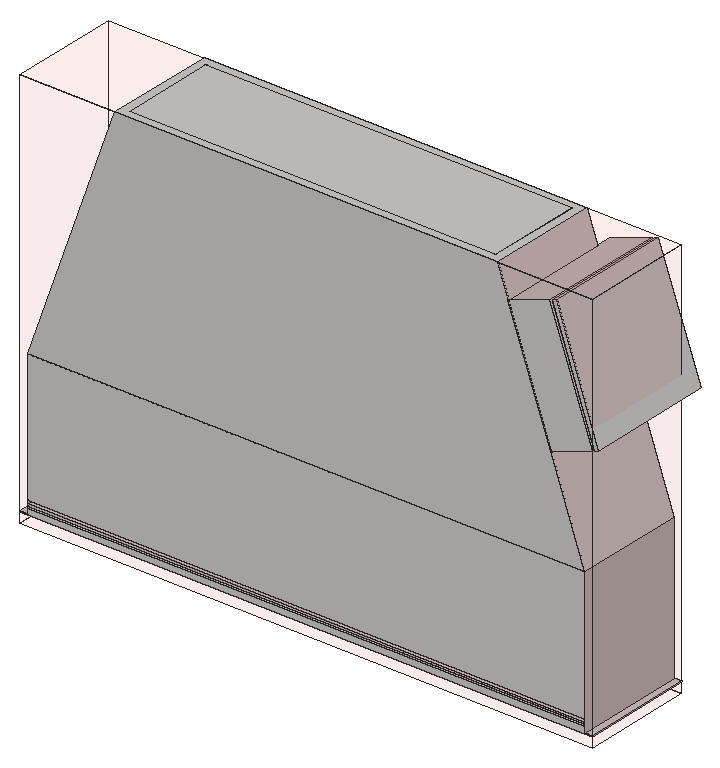
Revit family "Air-Curtain_Industrial_PoweredAire_Gas-Direct", category Mechanical Equipment, host Face, Revit 2020
Family settings
  Host = Face
  Round Connector Dimension = Use Diameter
  Part Type = Normal
  OmniClass Number = 23.75.35.17.21
  OmniClass Title = Air Curtains
  Cut with Voids When Loaded = No
  Shared = No
  Room Calculation Point = No
Parameters
  topbracket [instance] = Unit Height = 1' 4 3/4"  # no
  Warranty Duration (Years) = 0
  Unit Width Notes = "Other Widths available."  # constant formula
  Unit Width = 9' - 0"
  Unit Weight = 0
  Unit Height = 1' - 9"
  Unit Depth = 2' - 3 1/4"
  URL = "http://www.poweredaire.com/"
  Test Data = ""
  Standards Conformance = "as Specified"
  Specification = "http://www.arcat.com/sdspecs/htm04/23_34_33pai.htm"
  SpecWizard = ""
  Sound Pressure = "as Specified"
  Sales Information = "http://www.poweredaire.com/contact_us"
  Revision = "R1_2016-08"
  Projection from Host [instance] = 0' - 2"
  Product Properties = ""
  Product Data = "http://www.arcat.com/arcatcos/cos47/arc47623.html"
  Power Rating = 0 W
  Piping_Operating Pressure [instance] = 0.00 psi
  Pipe OD [instance] = 5/8"
  Overall Depth = 6' - 1 3/4"
  Nozzle Width = if(1 = 1, Unit Width - 0' 3", 0' 0")  # 8' - 9"
  Mounting Width = if(1 = 1, Unit Width - 0' 1 1/2", 0' 0")  # 8' - 10 1/2"
  Mounting Height [instance] = 3' - 6"
  Motor RPM = 0
  Motor HP = 0
  Motor Count = 0
  Model = "As Specified"
  Max Height = 0' - 0"
  Manufacturer Website = "http://www.poweredaire.com/"
  Manufacturer Phone - Toll Free = "888-321-2473"
  Manufacturer Phone = "724-588-3305"
  Manufacturer Fax = "724-588-3371"
  Manufacturer Address = "109 Mortensen Rd.  Greenville, PA 16125"
  Manufacturer = "Powered Aire, Inc"
  Maintenance Schedule (Months) = 0
  Keynote = "23 34 33"
  Intake Width = 6' - 0 1/16"
  Installation-Fabrication = ""
  Installation Phase = ""
  Include Clearance [instance] = yes
  Heating Element Load = 0 W
  Filter Weight = 0
  Front Grating Material [instance] = Metal - Steel - PoweredAire - Stainless 304 Perforated
  HVAC_Temperature Rise = 0 °F
  HVAC_Primary CFM = 0 CFM
  HVAC_Outlet Volume = 0 CFM
  HVAC_Outlet Velocity Uniformity = 0
  HVAC_Outlet Velocity = 0 FPM
  HVAC_Exit Temperature [instance] = 0 °F
  HVAC_BTU Output = 0.0 Btu/h
  HVAC_BTU Input = 0.0 Btu/h
  Green Building-LEED = "http://www.arcat.com/green/clients/leed_data_47623.html"
  Gas Connection Diameter [instance] = 0"
  Frame Finish [instance] = Metal - Steel - PoweredAire - Stainless 304
  Expected Lifespan (Years) = 0
  Exhaust Connection Diameter = 0' - 5"
  Electrical_Wattage [instance] = Power Rating + Heating Element Load  # 0 W
  Electrical_Voltage [instance] = 0 V
  Electrical_Phase [instance] = 1
  Electrical_Frequency [instance] = 0 Hz
  Electrical_Amperage [instance] = 0 A
  Drawn By = "Sumex Design, Inc. / Robert S. Weygant, CSI, CDT, SCIP"
  Description = "Powered Aire Air Curtain as Specified"
  Default Elevation = 0' - 0"  # constant formula
  Copyright = "©Arcat Inc."
  Construction Details = "http://www.arcat.com/details/powair/prod3336.html"
  Clearance_Top [instance] = 0' - 0"
  Clearance_Side B [instance] = 0' - 0"
  Clearance_Side A [instance] = 0' - 0"
  Clearance_Intake [instance] = 0' - 0"
  Clearance_Bottom [instance] = 0' - 0"
  Clearance Material [instance] = ARCAT Clearance
  Building Codes = ""
  Available Options [instance] = "as Specified"
  Assembly Code = "D3090400"
Reference planes
  plane 1 "Center (Elevation)": y = 3.51
  plane 2: z = 0
  plane 3 "Center (Left/Right)": x = 0
  plane 4 "Top": y = 270.21
  plane 5: y = -263.19
  plane 6: x = -1371.6
  plane 7: x = 1371.6
  plane 8 "Front": z = 742.95
  plane 9 "FF": y = -1063.29
  plane 10: z = 50.8
  plane 11: x = 1333.5
  plane 12: x = -1333.5
  plane 13: y = 270.21
  plane 14: y = -263.19
  plane 15: x = -1371.6
  plane 16: x = 1371.6
  plane 17: z = 1924.05
  plane 18: x = 1331.913
  plane 19: x = -1331.912
  plane 20: x = 1333.5
  plane 21: x = 1333.5
  plane 22: y = 206.71
  plane 23: y = -199.69
  plane 24: z = 1924.05
  plane 25: x = -915.194
  plane 26: x = 915.194
Forms (mm)
  Extrusion 1, solid, material "Metal - Steel - PoweredAire - Stainless 304" <- "Frame Finish"
    sketch origin (0, 0, 0) x (0, 1, 0) y (0, 0, 1)
      loop
        line (-263.19, 50.8) -> (270.21, 50.8) -> (270.21, 742.95) -> (-263.19, 742.95) -> (-263.19, 50.8)
    from -1333.5 to 1333.5
  Extrusion 2, solid, material "ARCAT Clearance" <- "Clearance Material", visible <- "Include Clearance"
    sketch origin (0, 0, 0) x (0, 1, 0) y (0, 0, 1)
      loop
        line (-263.19, 1924.05) -> (-263.19, 0) -> (270.21, 0) -> (270.21, 1924.05) -> (-263.19, 1924.05)
    from -1371.6 to 1371.6
  Extrusion 3, solid, material "Metal - Steel - PoweredAire - Stainless 304" <- "Frame Finish"
    sketch origin (-385.496, -4572, 50.8) x (-1, 0, 0) y (0, -1, 0)
      loop
        line (-1718.996, -4842.21) -> (-1718.996, -4308.81) -> (-1757.096, -4308.81) -> (-1757.096, -4842.21) -> (-1718.996, -4842.21)
      loop
        line (948.004, -4842.21) -> (986.104, -4842.21) -> (986.104, -4308.81) -> (948.004, -4308.81) -> (948.004, -4842.21)
    from 0 to 3.175
  Extrusion 4, solid, material "Metal - Steel - PoweredAire - Stainless 304" <- "Frame Finish", visible <- "topbracket"
    sketch origin (-300.688, 270.21, 1219.2) x (-1, 0, 0) y (0, 0, 1)
      loop
        line (-1634.188, -1155.7) -> (-1634.188, -1085.85) -> (-1672.288, -1085.85) -> (-1672.288, -1155.7) -> (-1634.188, -1155.7)
      loop
        line (-1634.188, -546.1) -> (-1634.188, -476.25) -> (-1672.288, -476.25) -> (-1672.288, -546.1) -> (-1634.188, -546.1)
      loop
        line (1032.812, -1155.7) -> (1070.912, -1155.7) -> (1070.912, -1085.85) -> (1032.812, -1085.85) -> (1032.812, -1155.7)
      loop
        line (1032.812, -546.1) -> (1070.912, -546.1) -> (1070.912, -476.25) -> (1032.812, -476.25) -> (1032.812, -546.1)
    from 0 to -3.175
  Extrusion 5, void
    sketch origin (0, 0, 0) x (0, 1, 0) y (0, 0, 1)
      loop
        line (-263.19, 76.2) -> (-237.79, 76.2) -> (-237.79, 114.3) -> (-263.19, 114.3) -> (-263.19, 97.136) -> (-241.519, 97.136) -> (-241.519, 90.786) -> (-263.19, 90.786) -> (-263.19, 76.2)
    from -1331.912 to 1331.913
  Extrusion 6, solid, material "Metal - Steel - PoweredAire - Stainless 304" <- "Frame Finish"
    sketch origin (0, 3.51, 0) x (1, 0, 0) y (0, 0, 1)
      loop
        line (-1333.5, 742.95) -> (1333.5, 742.95) -> (915.194, 1924.05) -> (-915.194, 1924.05) -> (-1333.5, 742.95)
    from -266.7 to 266.7
  Extrusion 7, solid, material "Metal - Steel - PoweredAire - Stainless 304 Perforated" <- "Front Grating Material"
    sketch origin (-915.194, 3.51, 1924.05) x (1, 0, 0) y (0, 1, 0)
      loop
        line (38.1, 228.6) -> (38.1, -228.6) -> (1792.288, -228.6) -> (1792.288, 228.6) -> (38.1, 228.6)
    from 0 to 0.794
  Extrusion 8, solid, material "Metal - Steel - PoweredAire - Stainless 304" <- "Frame Finish"
    sketch origin (915.194, 3.51, 1924.05) x (0.333847, 0, -0.942627) y (0, 1, 0)
      loop
        line (152.4, -266.7) -> (762, -266.7) -> (762, 342.9) -> (152.4, 342.9) -> (152.4, -266.7)
    from 0 to 244.475
  Sweep 9, void
    path in 3D
      loop
        line (1196.521, -263.19, 1862.011) -> (1400.034, -263.19, 1287.385) -> (1400.034, 346.41, 1287.385) -> (1196.521, 346.41, 1862.011) -> (1196.521, -263.19, 1862.011)
    profile origin (1196.521, 41.61, 1862.011) x (0.333847, 0, -0.942627) y (0.942627, 0, 0.333847)
      loop
        line (0, -19.05) -> (0, -31.75) -> (6.35, -31.75) -> (6.35, -19.05) -> (0, -19.05)
Cuts and joins
  Extrusion 5 cuts Extrusion 1
  Sweep 9 cuts Extrusion 8
Lines and regions (mm)
  sketch lines
    curve 1: line (1196.521, 346.41, 1862.011) -> (1196.521, -263.19, 1862.011)
    curve 2: line (1400.034, 346.41, 1287.385) -> (1196.521, 346.41, 1862.011)
    curve 3: line (1196.521, -263.19, 1862.011) -> (1400.034, -263.19, 1287.385)
    curve 4: line (1400.034, -263.19, 1287.385) -> (1400.034, 346.41, 1287.385)
Dimensions and locks
  equal spacing: plane 4 "Top", plane 1 "Center (Elevation)", plane 5
  "Unit Height": plane 4 "Top" to plane 5
  equal spacing: plane 6, plane 3 "Center (Left/Right)", plane 7
  "Unit Width": plane 6 to plane 7
  "Mounting Height": plane 1 "Center (Elevation)" to plane 9 "FF"
  "Projection from Host": plane 10 to level
  "Unit Depth": plane 8 "Front" to plane 10
  locked: plane 6 to plane 12 at 38.1
  locked: plane 11 to plane 7 at 38.1
  "Clearance_Side A": plane 7 to plane 16
  "Clearance_Side B": plane 15 to plane 6
  "Clearance_Top": plane 13 to plane 4 "Top"
  "Clearance_Bottom": plane 5 to plane 14
  "Clearance_Intake": plane 17 to plane 24
  Extrusion 5 sketch curve to Extrusion 5 sketch curve to Extrusion 5 sketch curve to Extrusion 5 sketch curve to plane 10 = 0' - 0.67575" locked, 0' - 0 1/4" locked, 0' - 0.57425" locked, 0' - 1" locked
  plane 5 to Extrusion 5 sketch curve to Extrusion 5 sketch curve = 0' - 0.85319" locked, 0' - 0.14681" locked
  locked: plane 19 to plane 12 at 1.587
  locked: plane 11 to plane 18 at 1.587
  locked: plane 20 to plane 11
  locked: plane 21 to plane 11
  locked: plane 4 "Top" to plane 22 at 63.5
  locked: plane 23 to plane 5 at 63.5
  "Overall Depth": plane 24 to plane 10
  Extrusion 4 sketch curve to Extrusion 4 sketch curve to plane 10 = 0' - 2 3/4" locked, 0' - 0 1/2" locked  (x2)
  plane 8 "Front" to Extrusion 4 sketch curve to Extrusion 4 sketch curve = 0' - 0" locked, 0' - 2 3/4" locked  (x2)
  equal spacing: plane 25, plane 3 "Center (Left/Right)", plane 26
  "Intake Width": plane 25 to plane 26
  locked: plane 4 "Top" to Extrusion 7 sketch curve at 38.1
  locked: Extrusion 7 sketch curve to plane 5 at 38.1
  locked: plane 25 to Extrusion 7 sketch curve at 38.1
  locked: Extrusion 7 sketch curve to plane 26 at 38.1
  aligned and locked: plane 2 to host face
  aligned and locked: level to host face
  aligned and locked: Extrusion 2 sketch curve to plane 17
  aligned and locked: plane 14 to Extrusion 2 sketch curve
  aligned and locked: level to Extrusion 2 sketch curve
  aligned and locked: Extrusion 2 sketch curve to plane 13
  aligned and locked: plane 16 to Extrusion 2
  aligned and locked: Extrusion 2 to plane 15
  aligned and locked: plane 11 to Extrusion 1
  aligned and locked: Extrusion 1 to plane 12
  aligned and locked: Extrusion 1 sketch curve to plane 8 "Front"
  aligned and locked: plane 18 to cut or joined group of Extrusion 1, Extrusion 5
  aligned and locked: cut or joined group of Extrusion 1, Extrusion 5 to plane 19
  aligned and locked: Extrusion 6 sketch curve to plane 8 "Front"
  aligned and locked: plane 21 to Extrusion 6 sketch curve
  aligned and locked: plane 12 to Extrusion 6 sketch curve
  aligned and locked: Extrusion 6 sketch curve to plane 24
  aligned and locked: plane 25 to Extrusion 6 sketch curve
  aligned and locked: plane 26 to Extrusion 6 sketch curve
  aligned and locked: plane 4 "Top" to Extrusion 6
  aligned and locked: Extrusion 6 to plane 5
Automatic sketch dimensions
  host sketch curve to host sketch curve = 8' - 0"  (x2)
  plane 4 "Top" to Extrusion 3 sketch curve = 0' - 0"
  Extrusion 3 sketch curve to plane 7 = 0' - 0"
  plane 5 to Extrusion 3 sketch curve = 0' - 0"
  Extrusion 3 sketch curve to plane 11 = 0' - 0"
  Extrusion 3 sketch curve to plane 4 "Top" = 0' - 0"
  Extrusion 3 sketch curve to plane 12 = 0' - 0"
  Extrusion 3 sketch curve to plane 6 = 0' - 0"
  Extrusion 3 sketch curve to plane 5 = 0' - 0"
  Extrusion 4 sketch curve to plane 7 = 0' - 0"  (x2)
  Extrusion 4 sketch curve to plane 11 = 0' - 0"  (x2)
  Extrusion 4 sketch curve to plane 12 = 0' - 0"  (x2)
  Extrusion 4 sketch curve to plane 6 = 0' - 0"  (x2)
  Extrusion 5 sketch curve to plane 5 = 0' - 0"  (x2)
  Extrusion 1 sketch curve to plane 5 = 0' - 0"
  Extrusion 1 sketch curve to plane 4 "Top" = 0' - 0"
  Extrusion 1 sketch curve to plane 10 = 0' - 0"
  Extrusion 8 sketch curve to Extrusion 6 = 0' - 3"
  Extrusion 6 to Extrusion 8 sketch curve = 1' - 7.33021"
  Extrusion 8 sketch curve to Extrusion 6 = 0' - 0"
  Extrusion 8 sketch curve to Extrusion 6 = 0' - 6"
  profile plane to Sweep 9 sketch curve = 0' - 0"
  Sweep 9 sketch curve to profile plane = 0' - 0 3/4"
  Sweep 9 sketch curve to Sweep 9 sketch curve = 0' - 0 1/2"
  Sweep 9 sketch curve to Sweep 9 sketch curve = 0' - 0 1/4"
Connectors
  electrical at (-1333.5, 3.51, 396.875), driven by "Electrical_Voltage", driven by "Electrical_Phase"
    settings: on cut or joined group of Extrusion 1, Extrusion 5, index 3, voltage 0 V, apparent load 0 VA, apparent load phase1 0 VA, apparent load phase2 0 VA, apparent load phase3 0 VA, power factor 1, load classification "Motor", number of poles 1, system type 31, power factor state 1, is connector primary yes, connector utility no, sub classification motor no, connector description ""
